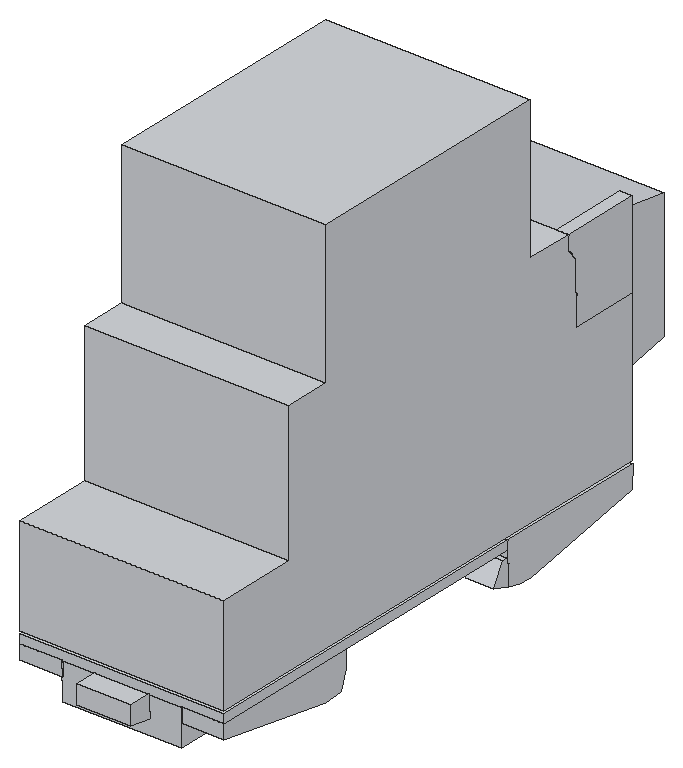
Revit family "Gira_238300", category Electrical Fixtures, host Face, Revit 2017
Family settings
  Host = Face
  Maintain Annotation Orientation = No
  Round Connector Dimension = Use Diameter
  Part Type = Normal
  Cut with Voids When Loaded = No
  Shared = No
  Room Calculation Point = No
Parameters (values of type "S3000 uni.LED pow.booster DRA Electronics")
  With label area = no
  URL = "https://www.gira.de/"
  Type of voltage (input voltage) = ""
  Type of load = "Universal and LED Retrofit"
  Type of fastening = ""
  Type Comments = ""
  Transparent = no
  Surface protection = "Sonstige (*de-DE)"
  Surface finishing = "Not applicable"
  Suitable for degree of protection (IP) = ""
  Serial dimmer = no
  Radio frequent bidirectional = no
  Number of inputs = 0
  Nominal voltage [Volt] = ""
  Model = ""
  Method of operation = ""
  Material quality = "Sonstige (*de-DE)"
  Material = "Sonstige (*de-DE)"
  Manufacturer = "Gira"
  Light value memory = no
  Keynote = ""
  Input voltage [Volt] = ""
  HeinzeBIM = "https://www.heinze.de/bim/s3000-uni-led-pow-booster-dra-electronics/44f2ea9102cb048f289e55444001b083e8bfdadf"
  Halogen free = no
  HAN = "238300"
  GTIN = "4010337031383"
  Frequency [Hz] = ""
  Dimming phase cut-on = no
  Dimming phase cut-off = no
  Description = "S3000 uni.LED pow.booster DRA Elec. System 3000 universal LED power booster DRA,DRA Features: - Switching and dimming light bulbs, HV halogen lamps, electronic transformers for halogen, inductive transformers for halogen, HV LED or compact fluorescent lamps. - Operation is via upstream dimmer. - The connected loads are supplied via a common load line. - Electronic excess-temperature protection.,Notes : - If the ambient temperature is higher than 45 C, the connected load must be reduced. - Maximum load and number of power boosters depend on dimmer. Refer to the technical appendix or operating instructions for a reference list."
  Default Elevation = 1219.2 mm
  Cost = 0
  Anschlussart = ""
  Colour = ""
  Bus connection included = no
  BIMSITE_PRODUCT_ID = "44f2ea9102cb048f289e55444001b083e8bfdadf"
  BIM = "https://media.live.bim.site/t/eyJhbGciOiJIUzI1NiIsInR5cCI6IkpXVCJ9.eyJjdCI6MSwidGYiOiJwdWJsaWMvZ2lyYS8wOWY1ZGI1L0dpcmEgWDEgUkVHIEtOWC5yZmEiLCJjaWQiOiJmZWQ5OGU5YS0xYmQ4LTRjNjgtYTczYi03NGE5NGUzMTU4MjMiLCJyaWQiOiJlYTQ3ZDhkODhmYjVmZmFiZDEwMjI3MjZhNWJmOGJlMyIsInBpZCI6IjQ0ZjJlYTkxMDJjYjA0OGYyODllNTU0NDQwMDFiMDgzZThiZmRhZGYiLCJzaWQiOiI2MzQ3MCIsInV0Ijo1LCJsYyI6ImVuIiwiaWF0IjoxNjA3NDM3OTU5LCJpc3MiOiJodHRwczovL2FwaS5saXZlLmJpbS5zaXRlIiwic3ViIjoiOGQzYWE1Y2ItZTA2Ni00NTk4LWJlMTYtNmUxNmVlNzQ5NTZhIn0.3Z1MLWuhi4peg56c3xNRsschC6_d7Mmdx0WBVh5xLJg/Gira X1 REG KNX.rfa"
  Zusammenstellung = ""
  Assembly Code = ""
  Applicable with transmission button = no
  Applicable with time switch/timer = no
  Applicable with presence indicator = no
  Applicable with movement sensor = no
  Applicable with infrared button = no
  Applicable with button = no
  App control via Bluetooth = no
Reference planes
  plane 1 "Center (Front/Back)": y = 0
  plane 2: z = 0
  plane 3 "Center (Left/Right)": x = 0
Forms (mm)
  Extrusion 1, solid, detail levels fine
    sketch origin (0, -0.2, 0) x (0, 1, 0) y (0, 0, 1)
      loop
        line (22.65, 43.82) -> (22.65, 68.77) -> (-22.25, 68.77) -> (-22.25, 43.82) -> (-30.4, 43.82) -> (-30.4, 19.42) -> (-44.8, 19.42) -> (-44.8, 1.97) -> (45.192, 1.97) -> (45.192, 28.47) -> (32.925, 28.47) -> (32.831, 39.259) -> (31.225, 41.242) -> (31.225, 43.82) -> (22.65, 43.82)
    from -17.95 to 17.95
  Extrusion 2, solid, detail levels fine
    sketch origin (0, -0.2, 0) x (0, 1, 0) y (0, 0, 1)
      loop
        line (45.192, 43.82) -> (31.225, 43.82) -> (31.225, 41.242) -> (32.831, 39.259) -> (32.925, 28.47) -> (45.192, 28.47) -> (45.192, 43.82)
    from -17.95 to -15.8
  Extrusion 3, solid, detail levels fine
    sketch origin (0, -0.2, 0) x (0, 1, 0) y (0, 0, -1)
      loop
        line (45.192, -43.82) -> (45.192, -28.47) -> (32.925, -28.47) -> (32.831, -39.259) -> (31.225, -41.242) -> (31.225, -43.82) -> (45.192, -43.82)
    from -17.95 to -15.8
  Extrusion 4, solid, detail levels fine
    sketch origin (0, -0.2, 0) x (0, 1, 0) y (0, 0, 1)
      loop
        line (31.5, 42.848) -> (31.5, 40.412)
        arc (31.5, 40.412) -> (38.359, 39.512) -> (45.192, 38.435) r 267
        line (45.192, 38.435) -> (45.192, 14.255)
        arc (45.192, 14.255) -> (50.205, 15.189) -> (55.2, 16.219) r 264.9
        line (55.2, 16.219) -> (55.2, 38.933)
        arc (55.2, 38.933) -> (43.394, 41.159) -> (31.5, 42.848) r 265
    from -15.506 to 15.5
  Extrusion 5, solid, detail levels fine
    sketch origin (0, -0.2, 0) x (0, 1, 0) y (0, 0, 1)
      loop
        line (45.2, 1.5) -> (17.774, 1.5) -> (17.905, -6.017)
        arc (17.905, -6.017) -> (20.285, -6.454) -> (22.7, -6.6) r 20
        arc (22.7, -6.6) -> (33.985, -5.009) -> (45.128, -2.618) r 160
        line (45.128, -2.618) -> (45.2, 1.5)
    from -17.95 to 18
  Extrusion 6, solid, detail levels fine
    sketch origin (0, -0.2, 0) x (0, 1, 0) y (0, 0, 1)
      loop
        line (17.905, -6.017) -> (17.824, -1.4) -> (16.8, -1.4) -> (14.749, -4.952)
        arc (14.749, -4.952) -> (16.305, -5.55) -> (17.905, -6.017) r 20
    from -17.95 to -13
  Extrusion 7, solid, detail levels fine
    sketch origin (0, -0.2, 0) x (0, 1, 0) y (0, 0, -1)
      loop
        arc (17.905, 6.017) -> (16.305, 5.55) -> (14.749, 4.952) r 20
        line (14.749, 4.952) -> (16.8, 1.4) -> (17.824, 1.4) -> (17.905, 6.017)
    from -17.95 to -13
  Extrusion 8, solid, detail levels fine
    sketch origin (0, -0.2, 0) x (0, 1, 0) y (0, 0, 1)
      loop
        line (17.8, 0) -> (17.774, 1.5) -> (-44.8, 1.5) -> (-44.774, 0) -> (17.8, 0)
    from -17.95 to 17.95
  Extrusion 9, solid, detail levels fine
    sketch origin (0, 0, 0) x (0, 1, 0) y (0, 0, 1)
      loop
        line (-48.916, -3.317) -> (-44.906, -3.881) -> (-44.974, 0) -> (-48.916, 0) -> (-48.916, -3.317)
    from -4.803 to 4.797
  Extrusion 10, solid, detail levels fine
    sketch origin (0, 0, 0) x (0, 1, 0) y (0, 0, 1)
      loop
        arc (-22.5, -6.6) -> (-20.811, -6.529) -> (-19.134, -6.315) r 20
        line (-19.134, -6.315) -> (-18.029, -3.279) -> (-18, 0) -> (-44.974, 0) -> (-44.928, -2.618)
        arc (-44.928, -2.618) -> (-33.785, -5.009) -> (-22.5, -6.6) r 160
    from -17.95 to -10.5
  Extrusion 11, solid, detail levels fine
    sketch origin (0, 0, 0) x (0, 1, 0) y (0, 0, -1)
      loop
        arc (-22.5, 6.6) -> (-33.785, 5.009) -> (-44.928, 2.618) r 160
        line (-44.928, 2.618) -> (-44.974, 0) -> (-18, 0) -> (-18.029, 3.279) -> (-19.134, 6.315)
        arc (-19.134, 6.315) -> (-20.811, 6.529) -> (-22.5, 6.6) r 20
    from -17.95 to -10.5
  Extrusion 12, solid, detail levels fine
    sketch origin (0, 0, 0) x (0, 1, 0) y (0, 0, 1)
      loop
        line (-30.708, -6.6) -> (-30.65, 0) -> (-44.974, 0) -> (-44.859, -6.6) -> (-30.708, -6.6)
    from -10.5 to 10.5
  Extrusion 13, solid, detail levels fine
    sketch origin (0, 0, 0) x (1, 0, 0) y (0, 1, 0)
      loop
        circle (-0.003, -20.023) r 1
    from -7.682 to 0
  Extrusion 14, solid, detail levels fine
    sketch origin (0, 0, 0) x (0, 1, 0) y (0, 0, 1)
      loop
        line (-17.523, -0.8) -> (-17.523, 0) -> (-30.65, 0) -> (-30.684, -3.9) -> (-27.106, -3.9) -> (-27.106, -5.6) -> (-19.623, -6.6) -> (-18.03, -6.6) -> (-15.023, -2.682) -> (-15.023, -1.517) -> (-17.523, -0.8)
    from -4.503 to 4.5
  Extrusion 15, solid, detail levels fine
    sketch origin (0, 0, 0) x (1, 0, 0) y (0, 1, 0)
      loop
        line (16.859, 43.848) -> (-16.859, 43.848) -> (-16.859, -43.859) -> (16.859, -43.859) -> (16.859, 43.848)
    from 1.5 to 4
  Extrusion 16, solid, detail levels medium
    sketch origin (0, 0, 0) x (0, 1, 0) y (0, 0, 1)
      loop
        line (22.45, 68.77) -> (-22.45, 68.77) -> (-22.45, 43.82) -> (-30.6, 43.82) -> (-30.6, 19.42) -> (-45, 19.42) -> (-45, 0) -> (-48.916, 0) -> (-48.916, -6.6) -> (-15.023, -6.6) -> (-15.023, 0) -> (14.549, 0) -> (14.549, -6.6) -> (44.992, -6.6) -> (44.992, 14.255)
        arc (44.992, 14.255) -> (50.005, 15.189) -> (55, 16.219) r 264.9
        line (55, 16.219) -> (55, 38.933)
        arc (55, 38.933) -> (50.005, 39.943) -> (44.992, 40.856) r 265
        line (44.992, 40.856) -> (44.992, 43.82) -> (22.45, 43.82) -> (22.45, 68.77)
    from -17.95 to 17.95
  Extrusion 17, solid, detail levels coarse
    sketch origin (0, 0, 0) x (1, 0, 0) y (0, 1, 0)
      loop
        line (-17.95, 55) -> (-17.95, -48.916) -> (17.95, -48.916) -> (17.95, 55) -> (-17.95, 55)
    from -7.682 to 68.77
Dimensions and locks
  aligned and locked: plane 2 to host face
  aligned and locked: level to host face
Connectors
  electrical at (0, -13.687, 0)
    settings: on Extrusion 8, index 1, voltage 24 V, apparent load 0 VA, apparent load phase1 0 VA, apparent load phase2 0 VA, apparent load phase3 0 VA, power factor 1, load classification "Other", number of poles 1, system type 30, power factor state 1, is connector primary yes, connector utility no, sub classification motor no, connector description ""
